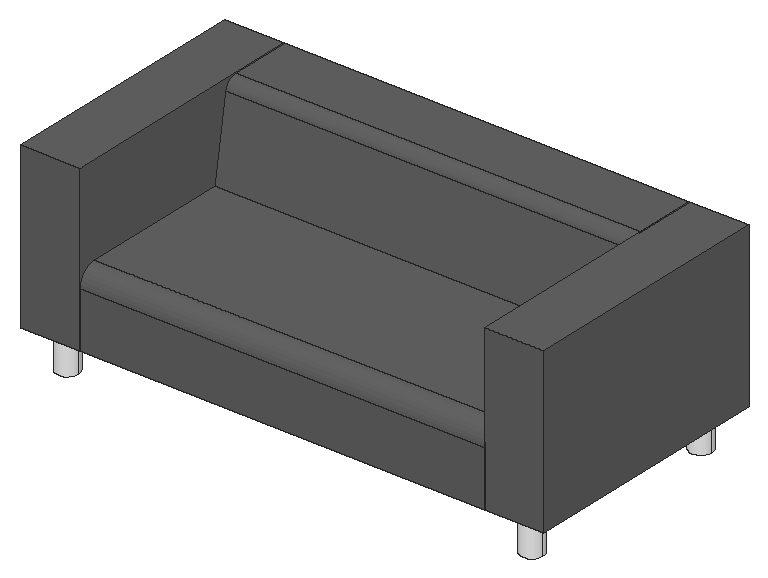
Revit family
Parameters (values of type "Black Leather")
  Seat Material = Textile - Leather - Black
  Leg Material = Metal - Aluminium
  Frame Material = Textile - Leather - Black
  Assembly Code = "E2020200"
Reference planes (in)
  plane 1 "Center (Front/Back)": y = 5.7541
  plane 2: z = 0
  plane 3 "Center (Left/Right)": x = 2.77049
  plane 4: y = 18.7541
  plane 5: x = 38.20799
  plane 6: x = -32.66701
  plane 7: z = 32
  plane 8: x = -24.66701
  plane 9: x = 30.20799
  plane 10: y = 10.7541
  plane 11: y = -15.8709
  plane 12: z = 27.125
  plane 13: z = 5
  plane 14: x = -28.66701
  plane 15: x = 34.20799
  plane 16: y = -12.8709
  plane 17: y = 15.7541
Forms (in)
  Extrusion 1, solid, material "Textile - Leather - Black" <- "Frame Material"
    sketch origin (0, 0, 0) x (1, 0, 0) y (0, 1, 0)
      loop
        line (-24.66701, 18.7541) -> (-32.66701, 18.7541) -> (-32.66701, -15.8709) -> (-24.66701, -15.8709) -> (-24.66701, 18.7541)
      loop
        line (30.20799, 18.7541) -> (30.20799, -15.8709) -> (38.20799, -15.8709) -> (38.20799, 18.7541) -> (30.20799, 18.7541)
    from 5.03805 to 27.125
  Extrusion 2, solid, material "Textile - Leather - Black" <- "Seat Material"
    sketch origin (38.20799, 2, 0) x (0, -1, 0) y (0, 0, 1)
      loop
        line (15.3709, 15) -> (-4.98882, 15) -> (-6.79194, 25.68561)
        arc (-6.79194, 25.68561) -> (-7.37981, 26.71693) -> (-8.49457, 27.125) r 1.7267
        line (-8.49457, 27.125) -> (-16.7541, 27.125) -> (-16.7541, 5.03805) -> (17.8709, 5.03805) -> (17.8709, 12.5)
        arc (17.8709, 12.5) -> (17.13867, 14.26777) -> (15.3709, 15) r 2.5
    from 8 to 62.875
  Extrusion 3, solid, material "Metal - Aluminium" <- "Leg Material"
    sketch origin (0, 0, 0) x (1, 0, 0) y (0, 1, 0)
      loop
        circle (-28.66701, 15.7541) r 1.5
    from 0 to 5
  Extrusion 4, solid, material "Metal - Aluminium" <- "Leg Material"
    sketch origin (62.875, 0, 0) x (1, 0, 0) y (0, 1, 0)
      loop
        circle (-28.66701, 15.7541) r 1.5
    from 0 to 5
  Extrusion 5, solid, material "Metal - Aluminium" <- "Leg Material"
    sketch origin (62.875, -28.625, 0) x (1, 0, 0) y (0, 1, 0)
      loop
        circle (-28.66701, 15.7541) r 1.5
    from 0 to 5
  Extrusion 6, solid, material "Metal - Aluminium" <- "Leg Material"
    sketch origin (0, -28.625, 0) x (1, 0, 0) y (0, 1, 0)
      loop
        circle (-28.66701, 15.7541) r 1.5
    from 0 to 5
Lines and regions (in)
  symbolic lines
    curve 1: line (-32.66701, 18.7541, 0) -> (-24.66701, 18.7541, 0)
    curve 2: line (-32.66701, -15.8709, 0) -> (-32.66701, 18.7541, 0)
    curve 3: line (-24.66701, -15.8709, 0) -> (-32.66701, -15.8709, 0)
    curve 4: line (-24.66701, 18.7541, 0) -> (-24.66701, -15.8709, 0)
    curve 5: line (30.20799, 18.7541, 0) -> (38.20799, 18.7541, 0)
    curve 6: line (30.20799, -15.8709, 0) -> (30.20799, 18.7541, 0)
    curve 7: line (38.20799, -15.8709, 0) -> (30.20799, -15.8709, 0)
    curve 8: line (38.20799, 18.7541, 0) -> (38.20799, -15.8709, 0)
    curve 9: line (-24.66701, 18.7541, 0) -> (30.20799, 18.7541, 0)
    curve 10: line (-24.66701, 8.79194, 0) -> (-24.66701, 18.7541, 0)
    curve 11: line (30.20799, 8.79194, 0) -> (-24.66701, 8.79194, 0)
    curve 12: line (30.20799, 18.7541, 0) -> (30.20799, 8.79194, 0)
    curve 13: line (-24.66701, -15.8709, 0) -> (30.20799, -15.8709, 0)
Dimensions and locks (in)
  plane 6 to plane 3 "Center (Left/Right)" to plane 5 = 2' - 11 7/16", 2' - 11 7/16"
  plane 9 to plane 5 = 0' - 8"
  plane 6 to plane 8 = 0' - 8"
  plane 6 to plane 5 = 5' - 10 7/8"
  plane 13 to Extrusion 1 = 0' - 0.03805"
  aligned and locked: plane 6 to Extrusion 1
  aligned and locked: Extrusion 1 to plane 8
  aligned and locked: plane 9 to Extrusion 1
  aligned and locked: Extrusion 2 to Extrusion 1  (x2)
  aligned and locked: curve 1 to Extrusion 1
  aligned and locked: curve 4 to Extrusion 2
  aligned and locked: curve 4 to Extrusion 1
  aligned and locked: curve 5 to Extrusion 1
  aligned and locked: Extrusion 1 to curve 8
  aligned and locked: curve 8 to Extrusion 1
  aligned and locked: curve 1 to curve 9
  aligned and locked: curve 12 to Extrusion 2
  aligned and locked: curve 13 to curve 3
